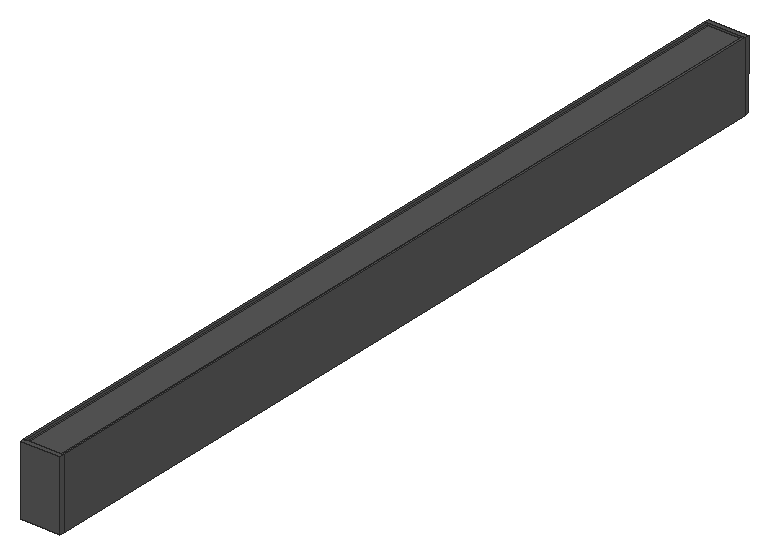
Revit family "EOS2.0-S-D", category Lighting Fixtures, host Face, Revit 2018
Family settings
  Host = Face
  Round Connector Dimension = Use Diameter
  Part Type = Normal
  Cut with Voids When Loaded = No
  Light Source = Yes
  Shared = Yes
  Room Calculation Point = Yes
Parameters (values of type "4' Direct")
  Wattage = 17.6471 W
  built-in parameter 1150110 = 1 (stored number, unit not read)
  Voltage = 0 V
  Type Comments = "LUX ILLUMINAIRE"
  built-in parameter 1114217 = 1 (stored number, unit not read)
  Tilt Angle = 90.00°
  built-in parameter 1150109 = 1 (stored number, unit not read)
  built-in parameter 1150134 = 12
  Switch Leg Visibility = no
  Switch Leg [instance] = ""
  built-in parameter 1150113 = 1 (stored number, unit not read)
  Photometric Web File = "EOS2.0 S-D 375 4 40K 8.ies"
  Material [instance] = LUX ILLUMINAIRE Black
  Manufacturer = ""
  built-in parameter 1150105 = 119.37 (stored number, unit not read)
  Lumens = 1500 lm
  built-in parameter 1150115 = 1 (stored number, unit not read)
  built-in parameter 1150137 = (empty or 0)
  built-in parameter 1150139 = (empty or 0)
  built-in parameter 1150112 = 1 (stored number, unit not read)
  built-in parameter 1150114 = 1 (stored number, unit not read)
  Lamp = "LED"
  built-in parameter 1150132 = 2
  built-in parameter 1150102 = (empty or 0)
  built-in parameter 1150107 = 4000 (stored number, unit not read)
  built-in parameter 1150138 = (empty or 0)
  built-in parameter 1150106 = 1.1937 (stored number, unit not read)
  Fixture Width = 0' - 2 1/4"  # constant formula
  Fixture Symbol Visiblity = yes
  Fixture Length = 4' - 0"
  Emit from Rectangle Width = Fixture Width - 0' 0 1/4"  # 0' - 2"
  Emit from Rectangle Length = Fixture Length  # 4' - 0"
  Emit Shape Visible in Rendering = yes
  Emergency Lighting [instance] = no
  built-in parameter 1150104 = 7.8968 (stored number, unit not read)
  Dimming Lamp Color Temperature Shift = <None>
  Default Elevation = 4' - 0"
  Color Filter = 16777215
  built-in parameter 1140040 [instance] = 1
  built-in parameter 1114218 = 1 (stored number, unit not read)
  built-in parameter 1150133 = 10 (stored number, unit not read)
  Apparent Load = 13.7 VA
Types (7): name | Wattage | Type Comments | Manufacturer | built-in parameter 1150105 | Lumens | built-in parameter 1150106 | Fixture Length | Emit from Rectangle Length | Apparent Load
  2' Direct | 8.82353 W | 0' - 0" | "LUX ILLUMINAIRE" | 59.683 (stored number, unit not read) | 750 lm | 0.59683 (stored number, unit not read) | 2' - 0" | 2' - 0" | 6.9 VA
  3' Direct | 13.2353 W | "LUX ILLUMINAIRE" | "" | 89.525 (stored number, unit not read) | 1125 lm | 0.89525 (stored number, unit not read) | 3' - 0" | 3' - 0" | 10.3 VA
  4' Direct | 17.6471 W | "LUX ILLUMINAIRE" | "" | 119.37 (stored number, unit not read) | 1500 lm | 1.1937 (stored number, unit not read) | 4' - 0" | 4' - 0" | 13.7 VA
  5' Direct | 22.0588 W | "LUX ILLUMINAIRE" | "" | 149.21 (stored number, unit not read) | 1875 lm | 1.4921 (stored number, unit not read) | 5' - 0" | 5' - 0" | 17.2 VA
  6' Direct | 26.4706 W | 0' - 0" | "LUX ILLUMINAIRE" | 179.05 (stored number, unit not read) | 2250 lm | 1.7905 (stored number, unit not read) | 6' - 0" | 6' - 0" | 20.6 VA
  7' Direct | 30.8824 W | 0' - 0" | "LUX ILLUMINAIRE" | 208.89 (stored number, unit not read) | 2625 lm | 2.0889 (stored number, unit not read) | 7' - 0" | 7' - 0" | 24 VA
  8' Direct | 35.2941 W | 0' - 0" | "LUX ILLUMINAIRE" | 238.73 (stored number, unit not read) | 3000 lm | 2.3873 (stored number, unit not read) | 8' - 0" | 8' - 0" | 27.4 VA
Reference planes (in)
  plane 1 "Center (Front/Back)": y = 0
  plane 2: z = 0
  plane 3 "Center (Left/Right)": x = 0
  plane 4: x = 1.125
  plane 5: x = -1.125
  plane 6: y = 24
  plane 7: y = -24
  plane 8: z = 4
  plane 9: y = 24.25
  plane 10: y = -24.25
  plane 11: z = 0.08203
Forms (in)
  Extrusion 1, solid, material "LUX ILLUMINAIRE Black" <- "Material"
    sketch origin (0, 0, -20.03125) x (1, 0, 0) y (0, 0, 1)
      loop
        line (-1.12525, 20.11178) -> (-0.437, 20.11178) -> (0.438, 20.11178) -> (1.12626, 20.11178) -> (1.12626, 24.03125) -> (1.04127, 24.03125) -> (1.04127, 23.91825) -> (0.88928, 23.93622) -> (-0.8887, 23.93622) -> (-1.04026, 23.91825) -> (-1.04026, 24.03125) -> (-1.12525, 24.03125) -> (-1.12525, 20.11178)
    from -24 to 24
  Extrusion 2, solid, material "LUX ILLUMINAIRE Black" <- "Material"
    sketch origin (0, 0, -20.03125) x (1, 0, 0) y (0, 0, 1)
      loop
        line (-1.12525, 24.03125) -> (-1.12525, 20.11178) -> (-0.437, 20.11178) -> (0.438, 20.11178) -> (1.12626, 20.11178) -> (1.12626, 24.03125) -> (-1.12525, 24.03125)
    from 24 to 24.25
  Extrusion 3, solid, not visible
    sketch origin (0, 0, 0) x (1, 0, 0) y (0, 1, 0)
      loop
        circle (0.00029, -24) r 0.1875
    from 0 to 1
  Extrusion 4, solid, not visible
    sketch origin (0, 0, 0) x (1, 0, 0) y (0, 1, 0)
      loop
        circle (0.0005, -24) r 0.03125
    from 1 to 13.33203
  Extrusion 5, solid, not visible
    sketch origin (0, 0, 0) x (1, 0, 0) y (0, 1, 0)
      loop
        circle (0.0005, -24) r 0.18729
    from 13.33203 to 14.08203
  Extrusion 6, solid, material "LUX ILLUMINAIRE Black" <- "Material"
    sketch origin (0.00056, 24, -20.03125) x (1, 0, 0) y (0, 0, -1)
      loop
        line (-1.12556, -24.03125) -> (1.12444, -24.03125) -> (1.12444, -20.11178) -> (0.438, -20.11178) -> (-0.437, -20.11178) -> (-1.12556, -20.11178) -> (-1.12556, -24.03125)
    from 0 to 0.25
Lines and regions (in)
  symbolic lines, visible <- "Fixture Symbol Visiblity"
    curve 1: line (-1.125, 24, 0) -> (1.125, 24, 0)
    curve 2: line (-1.125, -24, 0) -> (-1.125, 24, 0)
    curve 3: line (1.125, -24, 0) -> (-1.125, -24, 0)
    curve 4: line (1.125, 24, 0) -> (1.125, -24, 0)
Dimensions and locks (in)
  plane 5 to plane 4 = 0' - 2 1/4"
  equal spacing: plane 7, plane 1 "Center (Front/Back)", plane 6
  "Fixture Length": plane 7 to plane 6
  plane 8 to host face = 0' - 4"
  locked: plane 6 to plane 9 at 0.25
  locked: plane 10 to plane 7 at 0.25
  "Fixture Width": plane 4 to plane 5
  equal spacing: plane 4, plane 3 "Center (Left/Right)", plane 5
  locked: nested 2 to plane 10 at 9.5
  plane 11 to plane 8 = 0' - 3 235/256"
  locked: plane 8 to level at 4
  aligned and locked: plane 2 to host face
  aligned and locked: level to host face
  aligned and locked: Extrusion 6 to plane 5
  aligned and locked: plane 4 to Extrusion 6
  aligned and locked: plane 6 to Extrusion 6
  aligned and locked: Extrusion 1 to plane 6
  aligned and locked: plane 10 to Extrusion 2
  aligned and locked: Extrusion 2 to plane 7
  aligned and locked: plane 7 to Extrusion 1
  aligned and locked: Extrusion 6 to plane 9
  aligned and locked: plane 7 to nested 1
  aligned and locked: plane 6 to curve 1
  aligned and locked: plane 5 to curve 2
  aligned and locked: curve 3 to plane 7
  aligned and locked: curve 4 to plane 4
  aligned and locked: nested 1 to plane 6
  aligned and locked: plane 8 to Extrusion 6
  aligned and locked: plane 8 to Extrusion 2
Automatic sketch dimensions
  host sketch curve to host sketch curve = 8' - 0"  (x2)
  Extrusion 1 sketch curve to plane 5 = 0' - 0.00025"
  plane 5 to Extrusion 1 sketch curve = 0' - 0.08474"  (x2)
  Extrusion 1 sketch curve to plane 8 = 0' - 0.113"  (x2)
  Extrusion 1 sketch curve to plane 8 = 0' - 0.09503"  (x2)
  Extrusion 1 sketch curve to Extrusion 1 sketch curve = 0' - 0.15157"
  Extrusion 1 sketch curve to plane 11 = 0' - 0.0015"
  Extrusion 1 sketch curve to plane 3 "Center (Left/Right)" = 0' - 0.437"
  plane 3 "Center (Left/Right)" to Extrusion 1 sketch curve = 0' - 0.438"
  Extrusion 1 sketch curve to plane 4 = 0' - 0.23572"
  Extrusion 1 sketch curve to plane 4 = 0' - 0.08373"  (x2)
  plane 4 to Extrusion 1 sketch curve = 0' - 0.00126"
  plane 8 to Extrusion 1 sketch curve = 0' - 0"  (x2)
  Extrusion 1 sketch curve to Extrusion 1 sketch curve = 0' - 0"  (x2)
  Extrusion 2 sketch curve to plane 5 = 0' - 0.00025"
  Extrusion 2 sketch curve to plane 11 = 0' - 0.0015"
  Extrusion 2 sketch curve to plane 3 "Center (Left/Right)" = 0' - 0.437"
  plane 3 "Center (Left/Right)" to Extrusion 2 sketch curve = 0' - 0.438"
  plane 4 to Extrusion 2 sketch curve = 0' - 0.00126"
  plane 8 to Extrusion 2 sketch curve = 0' - 0"
  plane 5 to Extrusion 6 sketch curve = 0' - 0"
  Extrusion 6 sketch curve to plane 11 = 0' - 0.0015"
  Extrusion 6 sketch curve to plane 3 "Center (Left/Right)" = 0' - 0.43644"
  plane 3 "Center (Left/Right)" to Extrusion 6 sketch curve = 0' - 0.43856"
  plane 4 to Extrusion 6 sketch curve = 0' - 0"
  plane 8 to Extrusion 6 sketch curve = 0' - 0"
  radius of Extrusion 3 sketch curve = 0' - 0 3/16"
  radius of Extrusion 4 sketch curve = 0' - 0 1/32"
  radius of Extrusion 5 sketch curve = 0' - 0.18729"
Nested families (in)
  nested 1: "Emergency Symbol Rectangle" at (-10.95282, 0, 0) x (0, 1, 0) z (0, 0, 1), visible <- "Emergency Lighting", type "Emergency Symbol Rectangle"
    with Width 0' - 8.65565", Length 4' - 0"
  nested 2: "Switch Leg Annotation" at (9.99627, -14.75, 0) x (0, 1, 0) z (0, 0, 1), visible <- "Switch Leg Visibility", Switch Leg Annotation <- "Switch Leg", type "Switch Leg Annotation"
    with Switch Leg Annotation ""
Connectors (in)
  electrical at (-0.78113, 0, 0.08053), driven by "Apparent Load", driven by "Voltage"
    settings: on Extrusion 1, index 1, voltage 0 V, apparent load 0 VA, apparent load phase1 13.7 VA, apparent load phase2 0 VA, apparent load phase3 0 VA, power factor 1, load classification "Other", number of poles 1, system type 31, power factor state 1, is connector primary yes, connector utility no, sub classification motor no, connector description ""
Definition of nested family "Emergency Symbol Rectangle"
  Parameters (values of type "Emergency Symbol Rectangle")
    Width [instance] = 0' - 8 1/2"
    Length [instance] = 5' - 0"
    Emergency Visibility = no
  Reference planes (in)
    plane 1 "Center (Front/Back)": y = -7.75
    plane 2: z = 0
    plane 3 "Center (Left/Right)": x = -24
    plane 4: x = 24
    plane 5: x = -36
    plane 6: y = -3.5
    plane 7: y = -12
  Lines and regions (in)
    Filled region 1, type "Solid Fill - Black", in view "Ref. Level", detail levels coarse+medium
      outline origin (0, 0.25, 0) x (1, 0, 0) y (0, 1, 0)
        loop
          line (-36, -12.25) -> (24, -12.25) -> (-36, -10.125) -> (-36, -12.25)
  Dimensions and locks (in)
    equal spacing: plane 7, plane 1 "Center (Front/Back)", plane 6
    "Width": plane 7 to plane 6
    "Length": plane 5 to plane 4
    aligned and locked: plane 5 to Filled region 1
  Automatic sketch dimensions
    plane 1 "Center (Front/Back)" to Filled region 1 sketch curve = 0' - 2 1/8"
    Filled region 1 sketch curve to plane 3 "Center (Left/Right)" = 1' - 0"
    Filled region 1 sketch curve to plane 4 = 0' - 0"
    Filled region 1 sketch curve to plane 7 = 0' - 0"
Definition of nested family "Switch Leg Annotation"
  Parameters (values of type "Switch Leg Annotation")
    Switch Leg Annotation [instance] = ""
  Reference planes (in)
    plane 1: y = 0
    plane 2: x = 0
  Text (in)
    label "a" at (0.00527, 0.01239, 0), shows "Switch Leg Annotation"
